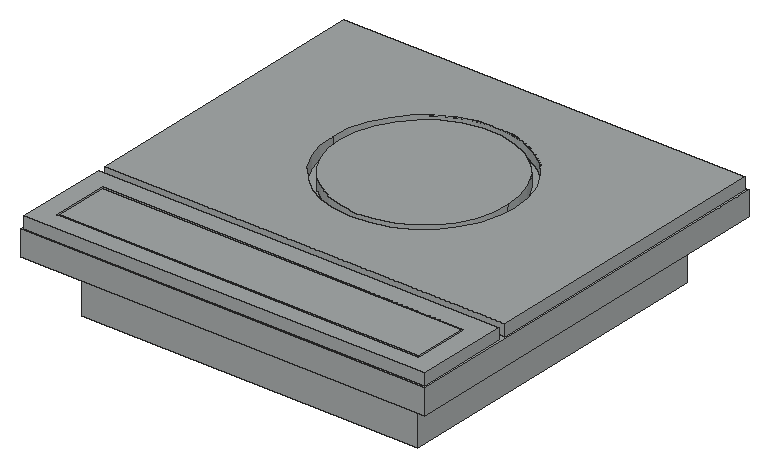
Revit family "Gira_5565920", category Electrical Fixtures, host Face, Revit 2017
Family settings
  Host = Face
  Maintain Annotation Orientation = Yes
  Round Connector Dimension = Use Diameter
  Part Type = Normal
  Cut with Voids When Loaded = No
  Shared = No
  Room Calculation Point = No
Parameters (values of type "Door st.mod. System 106 stainl.steel")
  Width = "0.1065"
  URL = "http://katalog.gira.de/en/datenblatt.html?artikelnr=5565920"
  Number of bell buttons = "1"
  Name = "Door st.mod. System 106 stainl.steel"
  Model = "Sys106_Abdeckung_Schalten und Tasten"
  Manufacturer URL = "https://www.gira.de/"
  Manufacturer = "Gira"
  Installation technique = "Bus system"
  HeinzeBIM = "https://bimportal.heinze.de/bim/door-st-mod-system-106-stainl-steel/a15f17b23f5b4cfbcb33d3e7532bf2c7c2c288d6"
  Height = "0.1065"
  HAN = "5565920"
  GTIN = "4010337022480"
  Edelstahl [instance] = Edelstahl
  Description = "Door st.mod. S106 SST,System 106 door station module,,Stainless steel,The Gira System 106 is an installation system made of metal in a puristic and elegant frameless design, based on basic measurements of 106.5 × 106.5 mm. With the modular door intercom in Gira System 106, hospitality begins even before you reach the front door. All the functions are presented in a harmonious overall appearance, from the call button module, intercom module, and camera module, up to the info and blank module. In the dark, backlit call buttons with inscription space ensure good legibility and an attractive appearance.,,Individually adaptable modular system, The System 106 can be used in family homes or apartment buildings, as well as in office buildings, industrial properties, and hotels. The modular design enables the system's size, design, and functionality to be individually adapted to the respective requirements. Expansions and changes are possible at any time by easily exchanging the modules.,With this system, it is also possible to exchange the fronts only. This means that the appearance of the system can be changed from e.g. traffic white to a stainless steel surface at a later stage, without having to exchange the electronic units.,,High-quality materials,The modules are frameless with design fronts made of genuine materials, available in two brushed stainless steel versions (V2A and V4A), anodised aluminium C-0, and a metal alloy lacquered in traffic white (RAL 9016): all robust materials which ensure durability. The camera and DIN 18040 display module feature a black glass cover.,,Easy and phased installation,The system can be installed in phases, in parallel to the progress of building work. In this way, it is possible to initially install only the lower part of a surface-mounted housing during construction of the shell; cables and modules can then be added when they are needed.,,Individual inscription options,Call button modules and info modules can be labelled individually via the Gira inscription service.,,Features:,- Compact intercom module with integrated call button for communication between indoors and outdoors.,- A high-quality microphone and weather-resistant speaker ensure clear communication.,- Power supply via 2-wire bus. Additional connector for AS (e.g. required for three or more camera modules).,- All other System 106 modules (except intercom module) are supplied with power via the door station module.,,Notes :,- Professional labelling with the Gira Inscription Service www.marking.gira.com."
  Default Elevation = 1219.2 mm
  Data sheet (1) = "https://katalog.gira.de/en/download.html?artikelnr=5565920"
  Category = "Functional module for door communication"
  BIM (1) = "https://media.stage.bim.site/public/gira/36a6b08/Sys106_Abdeckung_Schalten und Tasten.rfa?public/gira/36a6b08/Sys106_Abdeckung_Schalten und Tasten.rfa"
  Available = "No"
Reference planes
  plane 1 "Center (Front/Back)": y = 0
  plane 2 "Reference Level 0": z = 0
  plane 3 "Center (Left/Right)": x = 0
  plane 4 "Reference Level 1": z = 9.5
Forms (mm)
  Extrusion 1, solid, material "Edelstahl" <- "Edelstahl", detail levels coarse
    sketch origin (0, 0, 0) x (1, 0, 0) y (0, 1, 0)
      loop
        line (-53, 53) -> (-53, -53) -> (53, -53) -> (53, 53) -> (-53, 53)
    from -14.7 to 9.5
  Extrusion 2, solid, material "Edelstahl" <- "Edelstahl", detail levels fine
    sketch origin (0, 0, 0) x (1, 0, 0) y (0, 1, 0)
      loop
        line (52.5, -28) -> (-52.5, -28) -> (-52.5, -52.5) -> (52.5, -52.5) -> (52.5, -28)
      loop
        line (-47.5, -48) -> (47.5, -48) -> (47.5, -33) -> (-47.5, -33) -> (-47.5, -48)
    from 6.5 to 9.5
  Extrusion 3, solid, material "Edelstahl" <- "Edelstahl", detail levels fine
    sketch origin (0, 0, 0) x (1, 0, 0) y (0, 1, 0)
      loop
        line (-52.5, 52.5) -> (-52.5, -26) -> (52.5, -26) -> (52.5, 52.5) -> (-52.5, 52.5)
      loop
        circle (0, 13) r 24
    from 6.5 to 9.5
  Extrusion 4, solid, material "Edelstahl" <- "Edelstahl", detail levels medium+fine
    sketch origin (0, 0, 0) x (1, 0, 0) y (0, 1, 0)
      loop
        line (-53, 53) -> (-53, -53) -> (53, -53) -> (53, 53) -> (-53, 53)
    from 0 to 6.5
  Extrusion 5, solid, material "Edelstahl" <- "Edelstahl", detail levels fine
    sketch origin (0, 0, 0) x (1, 0, 0) y (0, 1, 0)
      loop
        line (-44, 44) -> (-44, -44) -> (44, -44) -> (44, 44) -> (-44, 44)
    from -14.7 to 0
  Extrusion 6, solid, material "Edelstahl" <- "Edelstahl", detail levels fine
    sketch origin (0, 0, 0) x (1, 0, 0) y (0, 1, 0)
      loop
        circle (0, 13) r 22
    from 6.5 to 9.5
  Extrusion 7, solid, material "Edelstahl" <- "Edelstahl", detail levels fine
    sketch origin (0, 0, 0) x (1, 0, 0) y (0, 1, 0)
      loop
        line (-47, -33.5) -> (-47, -47.5) -> (47, -47.5) -> (47, -33.5) -> (-47, -33.5)
    from 6.5 to 9.5
  Extrusion 8, solid, material "Edelstahl" <- "Edelstahl", detail levels medium
    sketch origin (0, 0, 0) x (1, 0, 0) y (0, 1, 0)
      loop
        line (-52.5, 52.5) -> (-52.5, -26) -> (52.5, -26) -> (52.5, 52.5) -> (-52.5, 52.5)
      loop
        line (-52.5, -28) -> (-52.5, -52.5) -> (52.5, -52.5) -> (52.5, -28) -> (-52.5, -28)
    from 6.5 to 9.5
  Extrusion 9, solid, material "Edelstahl" <- "Edelstahl", detail levels medium
    sketch origin (0, 0, 0) x (1, 0, 0) y (0, 1, 0)
      loop
        circle (0, 13) r 24
      loop
        line (-47.5, -33) -> (-47.5, -48) -> (47.5, -48) -> (47.5, -33) -> (-47.5, -33)
    from 6.5 to 9.5
Dimensions and locks
  aligned and locked: plane 2 "Reference Level 0" to host face
  aligned and locked: level to host face
  aligned and locked: Extrusion 4 to host face
  aligned and locked: Extrusion 4 to level
  aligned and locked: level to Extrusion 5
  aligned and locked: level to Extrusion 4
  aligned and locked: Extrusion 4 to plane 2 "Reference Level 0"
  aligned and locked: plane 2 "Reference Level 0" to Extrusion 5
  aligned and locked: plane 3 "Center (Left/Right)" to nested 1
  aligned and locked: plane 1 "Center (Front/Back)" to nested 1
Nested families
  nested 1: "Schalter" at (0, 0, 0), type "Schalter"
Connectors
  electrical at (0, 0, -14.7)
    settings: on Extrusion 5, index 1, voltage 220 V, apparent load 0 VA, apparent load phase1 0 VA, apparent load phase2 0 VA, apparent load phase3 0 VA, power factor 1, load classification "Other", number of poles 1, system type 30, power factor state 1, is connector primary yes, connector utility no, sub classification motor no, connector description ""
Definition of nested family "Schalter"
  Reference planes
    plane 1: y = 0
    plane 2: x = 0
  Lines and regions (mm)
    detail lines
      curve 1: circle (1.375, 2.778, 0) r 0.8 normal (0, 0, 1)
      curve 2: line (1.021, 2.061, 0) -> (0, 0, 0)
      curve 3: line (0, 0, 0) -> (-0.538, 0.266, 0)
  Dimensions and locks
    curve 2 to curve 2 = 2.3 mm
    curve 3 to curve 2 = 0.6 mm
    radius of curve 1 = 0.8 mm
